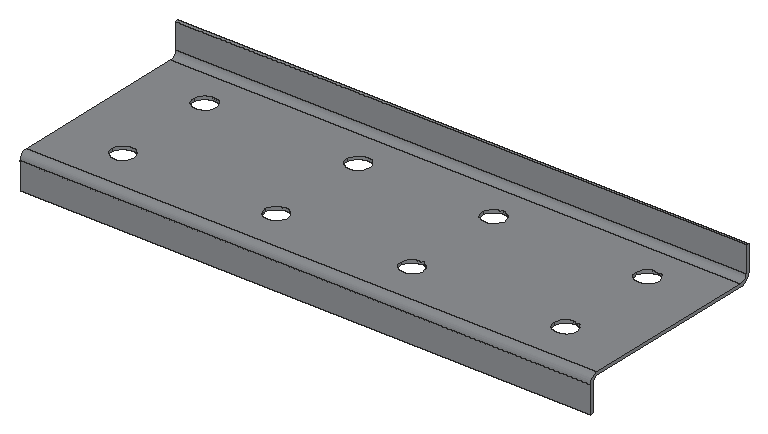
Revit family "Connection-Splice Plate-Steel & Tube-HST_Temp_97904b83-c78b-4b2a-931d-72e0aa9a4ff9", category Structural Connections, host Face, Revit 2016
Family settings
  Host = Face
  Material for Model Behavior = Steel
  OmniClass Number = 23.25.05.17.11
  OmniClass Title = Column Bases
  Enable cutting in views = Yes
  Cut with Voids When Loaded = No
  Shared = Yes
Parameters (values of type "HST150")
  m = if(Height_ANZRS = 250 mm, 180 mm, 120 mm)  # 120 mm
  g = if(Height_ANZRS = 152 mm, 80 mm, if(Height_ANZRS = 203 mm, 120 mm, if(Height_ANZRS = 250 mm, 160 mm, if(Height_ANZRS = 300 mm, 200 mm, if(Height_ANZRS = 350 mm, 240 mm, 280 mm)))))  # 80 mm
  Width_ANZRS = PlateThickness_ANZRS + (2 * Flange)  # 51.95 mm
  Uniclass2015Version = "2015"  # constant formula
  Uniclass2015Title = "Cold-formed galvanized steel sections"  # constant formula
  Uniclass2015Code = "Pr_20_76_51_21"  # constant formula
  URL = "http://www.steelandtube.co.nz"
  Type Comments = "HST Steel Purlin Splicing Plate"  # constant formula
  SpecificationReference = "3411ST"  # constant formula
  SpecificationDescription = "Steel & Tube Purlins & Girts"  # constant formula
  PlateThickness_ANZRS = if(Height_ANZRS < 300 mm, 1.95 mm, 3 mm)  # 1.95 mm
  ModifiedIssue_ANZRS = 20160520.01  # constant formula
  Model = if(Height_ANZRS = 152 mm, "HST150", if(Height_ANZRS = 203 mm, "HST200", if(Height_ANZRS = 250 mm, "HST250", if(Height_ANZRS = 300 mm, "HST300", if(Height_ANZRS = 350 mm, "HST350", "HST400")))))  # "HST150"
  Material_ANZRS = Metal-Steel-450MPa
  Material Standard = "Steel & Tube’s HST purlins and Girts profiles are manufactured from materials conforming to AS1397:2011"  # constant formula
  ManufacturerURL = "http://www.steelandtube.co.nz"
  ManufacturerName = Manufacturer  # "Steel & Tube"
  Manufacturer = "Steel & Tube"  # constant formula
  Length_ANZRS = 106 mm + (2 * End Calculation)  # 446 mm
  Height_ANZRS = 152 mm
  Flange = if(Height_ANZRS < 300 mm, 25 mm, 45 mm)  # 25 mm
  Extra Bolt Position Calculation = if(Height_ANZRS < 300 mm, 500 mm, m)  # 500 mm
  End Calculation = if(Height_ANZRS < 300 mm, m + 50 mm, (2 * m) + 50 mm)  # 170 mm
  Disclaimer [instance] = "Steel & Tube makes no representations or warranties about the information in this document, including (but not limited to) whether the information, and any materials referred to, are fit for purpose. The user is responsible for ensuring that the information, and any materials referred to, are fit for the purpose for which they are intended to be used. Except as required by law, Steel & Tube is not liable for any cost, loss, claim or expense incurred by any person as a result of any person using or relying on the information in this document."  # constant formula
  Design Standard = "Steel & Tube’s HST purlins and Girts profiles are designed in accordance with AS/NZS 4600:2005."  # constant formula
  Design Instruction = "All the design information should be cross referenced with the current Steel & Tube Purlins and Girts design guide, and AS/NZS 4600:2005"  # constant formula
  Description = "HST Steel Purlins and Girts are high strength lipped profile sections, providing an economic solution for your building project."  # constant formula
  Default Elevation = 0 mm
  CreatedBy_ANZRS = "Design Content"  # constant formula
  CreatedByURL_ANZRS = "http://www.designcontent.com.au"
  CBIDescription = "Structural steelwork"  # constant formula
  CBICode = "3411"  # constant formula
  Assembly Code = "B1020230"
Reference planes
  plane 1 "Center (Front/Back)": y = 0
  plane 2: z = 0
  plane 3 "Center (Left/Right)": x = 0
  plane 4 "Beam Top": y = 76
  plane 5 "Beam Bottom": y = -76
  plane 6 "Top Flange Underside": y = 74.05
  plane 7 "Bottom Flange Underside": y = -77.95
  plane 8: z = 1.95
  plane 9: z = 26.95
  plane 10: z = -25
  plane 11: x = -3
  plane 12: x = 3
  plane 13 "Left Middle Bolt Centre": x = -53
  plane 14 "Right Middle Bolt Centre": x = 53
  plane 15 "Left": x = -223
  plane 16 "Right": x = 223
  plane 17 "Left Bolt Centre": x = -173
  plane 18 "Right Bolt Centre": x = 173
  plane 19: x = -553
  plane 20: x = 553
  plane 21 "Upper Bolt": y = 40
  plane 22 "Lower Bolt": y = -40
Forms (mm)
  Sweep 1, solid, material "Metal-Steel-450MPa" <- "Material_ANZRS", detail levels medium
    path origin (0, 0, 0) x (1, 0, 0) y (0, 1, 0)
      loop
        line (-223, 0) -> (223, 0)
    profile origin (0, 0, 0) x (0, 1, 0) y (0, 0, 1)
      loop
        line (76, 26.95) -> (74.05, 26.95) -> (74.05, 1.95) -> (-77.95, 1.95) -> (-77.95, -25) -> (-76, -25) -> (-76, 0) -> (76, 0) -> (76, 26.95)
  Sweep 2, solid, material "Metal-Steel-450MPa" <- "Material_ANZRS", detail levels fine
    path origin (0, 0, 0) x (1, 0, 0) y (0, 1, 0)
      loop
        line (-223, 0) -> (223, 0)
    profile origin (0, 0, 0) x (0, 1, 0) y (0, 0, 1)
      loop
        line (76, 26.95) -> (74.05, 26.95) -> (74.05, 6.95)
        arc (74.05, 6.95) -> (72.586, 3.414) -> (69.05, 1.95) r 5
        line (69.05, 1.95) -> (-72, 1.95)
        arc (-72, 1.95) -> (-76.207, 0.207) -> (-77.95, -4) r 5.95
        line (-77.95, -4) -> (-77.95, -25) -> (-76, -25) -> (-76, -4)
        arc (-76, -4) -> (-74.828, -1.172) -> (-72, 0) r 4
        line (-72, 0) -> (69.05, 0)
        arc (69.05, 0) -> (73.964, 2.036) -> (76, 6.95) r 6.95
        line (76, 6.95) -> (76, 26.95)
  Extrusion 3, void
    sketch origin (0, 0, 0) x (1, 0, 0) y (0, 1, 0)
      loop
        circle (-173, 40) r 9
      loop
        circle (-173, -40) r 9
      loop
        circle (-53, 40) r 9
      loop
        circle (-53, -40) r 9
      loop
        circle (53, 40) r 9
      loop
        circle (53, -40) r 9
      loop
        circle (173, 40) r 9
      loop
        circle (173, -40) r 9
    from -25 to 26.95
  Extrusion 4, void
    sketch origin (0, 0, 0) x (1, 0, 0) y (0, 1, 0)
      loop
        circle (-553, 40) r 9
      loop
        circle (-553, -40) r 9
      loop
        circle (553, 40) r 9
      loop
        circle (553, -40) r 9
    from -25 to 26.95
Cuts and joins
  Extrusion 3, Extrusion 4 cuts Sweep 2
Dimensions and locks
  equal spacing: plane 5 "Beam Bottom", plane 1 "Center (Front/Back)", plane 4 "Beam Top"
  "Height_ANZRS": plane 5 "Beam Bottom" to plane 4 "Beam Top"
  "PlateThickness_ANZRS": plane 6 "Top Flange Underside" to plane 4 "Beam Top"
  "PlateThickness_ANZRS": plane 7 "Bottom Flange Underside" to plane 5 "Beam Bottom"
  "PlateThickness_ANZRS": plane 8 to plane 2
  "Flange": plane 2 to plane 10
  "Flange": plane 9 to plane 8
  equal spacing: plane 11, plane 3 "Center (Left/Right)", plane 12
  locked: plane 11 to plane 12 at 6
  locked: plane 13 "Left Middle Bolt Centre" to plane 11 at 50
  locked: plane 12 to plane 14 "Right Middle Bolt Centre" at 50
  "End Calculation": plane 15 "Left" to plane 13 "Left Middle Bolt Centre"
  "End Calculation": plane 14 "Right Middle Bolt Centre" to plane 16 "Right"
  "Extra Bolt Position Calculation": plane 19 to plane 13 "Left Middle Bolt Centre"
  "Extra Bolt Position Calculation": plane 14 "Right Middle Bolt Centre" to plane 20
  locked: plane 15 "Left" to plane 17 "Left Bolt Centre" at 50
  locked: plane 18 "Right Bolt Centre" to plane 16 "Right" at 50
  equal spacing: plane 22 "Lower Bolt", plane 1 "Center (Front/Back)", plane 21 "Upper Bolt"
  "g": plane 22 "Lower Bolt" to plane 21 "Upper Bolt"
  radius of Sweep 2 sketch curve = 5 mm
  radius of Sweep 2 sketch curve = 4 mm
  aligned and locked: plane 2 to host face
  aligned and locked: level to host face
  aligned and locked: plane 1 "Center (Front/Back)" to Sweep 1 sketch curve
  aligned and locked: plane 15 "Left" to Sweep 1 sketch curve
  aligned and locked: plane 16 "Right" to Sweep 1 sketch curve
  aligned and locked: Sweep 1 sketch curve to plane 4 "Beam Top"
  aligned and locked: plane 6 "Top Flange Underside" to Sweep 1 sketch curve
  aligned and locked: plane 9 to Sweep 1 sketch curve
  aligned and locked: plane 7 "Bottom Flange Underside" to Sweep 1 sketch curve
  aligned and locked: Sweep 1 sketch curve to plane 5 "Beam Bottom"
  aligned and locked: Sweep 1 sketch curve to plane 10
  aligned and locked: Sweep 1 sketch curve to plane 2
  aligned and locked: plane 8 to Sweep 1 sketch curve
  aligned and locked: plane 1 "Center (Front/Back)" to Sweep 2 sketch curve
  aligned and locked: plane 15 "Left" to Sweep 2 sketch curve
  aligned and locked: plane 16 "Right" to Sweep 2 sketch curve
  aligned and locked: Sweep 2 sketch curve to plane 4 "Beam Top"
  aligned and locked: plane 6 "Top Flange Underside" to Sweep 2 sketch curve
  aligned and locked: plane 9 to Sweep 2 sketch curve
  aligned and locked: plane 8 to Sweep 2 sketch curve
  aligned and locked: Sweep 2 sketch curve to plane 2
  aligned and locked: Sweep 2 sketch curve to plane 5 "Beam Bottom"
  aligned and locked: plane 7 "Bottom Flange Underside" to Sweep 2 sketch curve
  aligned and locked: Sweep 2 sketch curve to plane 10
  aligned and locked: plane 17 "Left Bolt Centre" to Extrusion 3 sketch curve  (x2)
  aligned and locked: plane 21 "Upper Bolt" to Extrusion 3 sketch curve  (x4)
  aligned and locked: plane 22 "Lower Bolt" to Extrusion 3 sketch curve  (x4)
  aligned and locked: plane 18 "Right Bolt Centre" to Extrusion 3 sketch curve  (x2)
  aligned and locked: plane 14 "Right Middle Bolt Centre" to Extrusion 3 sketch curve  (x2)
  aligned and locked: plane 13 "Left Middle Bolt Centre" to Extrusion 3 sketch curve  (x2)
  aligned and locked: Extrusion 3 to plane 10
  aligned and locked: plane 9 to Extrusion 3
  aligned and locked: plane 21 "Upper Bolt" to Extrusion 4 sketch curve  (x2)
  aligned and locked: plane 22 "Lower Bolt" to Extrusion 4 sketch curve  (x2)
  aligned and locked: plane 19 to Extrusion 4 sketch curve  (x2)
  aligned and locked: plane 20 to Extrusion 4 sketch curve  (x2)
  aligned and locked: Extrusion 4 to plane 10
  aligned and locked: plane 9 to Extrusion 4
Automatic sketch dimensions
  host sketch curve to host sketch curve = 2438.4 mm  (x2)
  Sweep 2 sketch curve to Sweep 2 sketch curve = 0 mm  (x2)
  radius of Extrusion 3 sketch curve = 9 mm  (x8)
  radius of Extrusion 4 sketch curve = 9 mm  (x4)
